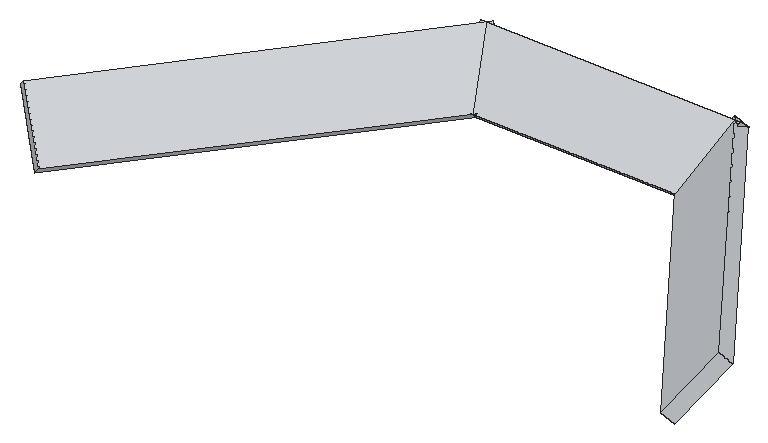
Revit family
Parameters
  Profondità [instance] = 800 mm
  Larghezza Tavola [instance] = 200 mm
  Larghezza [instance] = 600 mm
  Distanza_posteriore [instance] = 0 mm
  Distanza_laterale [instance] = 0 mm
  Angolo Torsione [instance] = 50.00°
  Angolo [instance] = atan(Ali / Profondità)  # 36.8699°
  Ali [instance] = 600 mm
  A_larghezza base [instance] = Larghezza Tavola * cos(Angolo Torsione)  # 128.558 mm
  A_altezza base [instance] = Larghezza Tavola * sin(Angolo Torsione)  # 153.209 mm
Reference planes
  plane 1 "Centro (Fronte/Retro)": y = 0
  plane 2: z = 0
  plane 3 "Centro (Sinistra/Destra)": x = 0
  plane 4: x = 600
  plane 5: y = -800
  plane 6: through (0.837, 1.116, 1200) normal (0.8, -0.6, 0)
  plane 7: through (867.491, -356.654, 1200) normal (0.8, 0.6, 0)
  plane 8: x = -600
  plane 9: x = 1200
  plane 10: through (-1344.498, -1792.664, 1200) normal (-0.8, 0.6, 0)
  plane 11: through (-1332.249, -1562.07, 1200) normal (-0.8, 0.6, 0)
  plane 12: through (1991.689, -1855.585, 1200) normal (-0.8, -0.6, 0)
  plane 13: through (919.968, -212.362, 1200) normal (0.8, 0.6, 0)
  plane 14: y = 0
  plane 15: y = 128.558
  plane 16: z = 153.209
Forms (mm)
  Extrusion 1, void
    sketch origin (0, 0, 0) x (1, 0, 0) y (0, 1, 0)
      loop
        line (-702.846, -722.865) -> (-962.85, -1069.538) -> (-860.004, -1146.673) -> (-600, -800) -> (-702.846, -722.865)
    from 0 to 153.209
  Extrusion 2, void
    sketch origin (-600, -800, 0) x (0.8, -0.6, 0) y (0, 0, -1)
      loop
        line (0, 0) -> (-128.558, 0) -> (-128.558, -153.209) -> (0, 0)
    from 0 to 1064.279
  Extrusion 3, void
    sketch origin (0, 0, 0) x (1, 0, 0) y (0, 1, 0)
      loop
        line (1411.305, -1081.741) -> (1514.151, -1004.606) -> (1302.846, -722.865) -> (1200, -800) -> (1411.305, -1081.741)
    from 0 to 153.209
  Extrusion 4, void
    sketch origin (1200, -800, 0) x (-0.8, -0.6, 0) y (0, 0, 1)
      loop
        line (0, 0) -> (-128.558, 153.209) -> (-128.558, 0) -> (0, 0)
    from 0 to 1064.279
  Extrusion 5, void
    sketch origin (1763.184, 273.205, 0) x (0, 1, 0) y (0, 0, -1)
      loop
        line (-273.205, 0) -> (-144.648, -153.209) -> (-144.648, 0) -> (-273.205, 0)
    from 1098.905 to 1827.463
  Extrusion 6, solid
    sketch origin (-702.846, -722.865, 153.209) x (0.51423, -0.385673, -0.766044) y (-0.6, -0.8, 0)
      loop
        line (0, -1064.279) -> (200, -1064.279) -> (200, 0) -> (0, 0) -> (0, -1064.279)
    from 0 to -40
  Extrusion 7, solid
    sketch origin (1763.184, 0, 0) x (0, 0.642788, 0.766044) y (1, 0, 0)
      loop
        line (200, -1098.905) -> (0, -1098.905) -> (0, -1830.278) -> (200, -1827.463) -> (200, -1098.905)
    from 0 to -40
  Extrusion 8, solid
    sketch origin (1200, -800, 0) x (0.51423, 0.385673, 0.766044) y (0.6, -0.8, 0)
      loop
        line (0, -1064.279) -> (200, -1064.279) -> (200, 0) -> (0, 0) -> (0, -1064.279)
    from 0 to -40
Lines and regions (mm)
  reference lines
    curve 1: line (-600, -800, 0) -> (-936, -548, 0)
    curve 2: line (1200, -800, 0) -> (1440, -620, 0)
    curve 3: line (-64.279, 128.558, 0) -> (751.721, -483.442, 0)
    curve 4: line (664.279, 128.558, 0) -> (152.279, -255.442, 0)
    curve 5: line (-64.279, 128.558, 0) -> (0, 0, 0)
    curve 6: line (600, 0, 0) -> (664.279, 128.558, 0)
    curve 7: line (664.279, 128.558, 0) -> (664.279, 0, 0)
    curve 8: line (-64.279, 128.558, 0) -> (-64.279, 0, 0)
Dimensions and locks
  "Profondità": plane 5 to plane 1 "Centro (Fronte/Retro)"
  "Larghezza": plane 3 "Centro (Sinistra/Destra)" to plane 4
  "Ali": plane 8 to plane 3 "Centro (Sinistra/Destra)"
  "Ali": plane 4 to plane 9
  "Distanza_laterale": plane 6 to plane 10
  "Distanza_laterale": plane 12 to plane 7
  "A_larghezza base": plane 12 to plane 13
  "A_larghezza base": plane 11 to plane 10
  "Distanza_posteriore": plane 1 "Centro (Fronte/Retro)" to plane 14
  "A_larghezza base": plane 15 to plane 14
  "A_altezza base": plane 16 to level
  "Angolo": angle plane 6 to plane 3 "Centro (Sinistra/Destra)"
  "Angolo": angle plane 4 to plane 7  (x2)
  "Angolo": angle plane 10 to plane 3 "Centro (Sinistra/Destra)"
  "Angolo": angle plane 11 to plane 3 "Centro (Sinistra/Destra)"
  "Angolo": angle plane 4 to plane 12
  "Angolo": angle plane 4 to plane 13
  "Angolo": angle curve 1 to plane 5
  "Angolo": angle plane 5 to curve 2
  "Angolo": angle curve 3 to plane 15
  "Angolo": angle plane 15 to curve 4
  aligned and locked: plane 10 to curve 1
  aligned and locked: plane 12 to curve 2
  aligned and locked: plane 16 to Extrusion 1
  aligned and locked: Extrusion 3 sketch curve to plane 12
  aligned and locked: Extrusion 3 sketch curve to curve 2
  aligned and locked: Extrusion 3 sketch curve to plane 13
  aligned and locked: plane 16 to Extrusion 3
  aligned and locked: Extrusion 2 to curve 3
  aligned and locked: Extrusion 4 to curve 4
  aligned and locked: Extrusion 5 to curve 8
  aligned and locked: Extrusion 5 to curve 7
Automatic sketch dimensions
  Extrusion 1 sketch curve to plane 10 = 0 mm  (x2)
  Extrusion 1 sketch curve to plane 5 = 0 mm
  Extrusion 1 sketch curve to plane 8 = 362.85 mm
  Extrusion 1 sketch curve to plane 11 = 0 mm
  Extrusion 2 sketch curve to Extrusion 1 = 0 mm  (x4)
  plane 9 to Extrusion 3 sketch curve = 211.305 mm
  Extrusion 4 sketch curve to Extrusion 3 = 0 mm  (x4)
  Extrusion 5 sketch curve to level = 0 mm
  Extrusion 5 sketch curve to plane 14 = 0 mm
  Extrusion 5 sketch curve to plane 15 = 0 mm
  Extrusion 5 sketch curve to plane 16 = 0 mm
  Extrusion 6 sketch curve to Extrusion 2 = 0 mm  (x4)
  Extrusion 7 sketch curve to Extrusion 5 = 2.816 mm
  Extrusion 7 sketch curve to Extrusion 5 = 0 mm  (x4)
  Extrusion 8 sketch curve to Extrusion 4 = 0 mm  (x4)
  curve 1 to plane 5 = 0 mm
  curve 3 to plane 11 = 0 mm
  curve 3 to plane 15 = 0 mm
  curve 5 to plane 10 = 0 mm
  curve 5 to plane 14 = 0 mm
  curve 6 to plane 12 = 0 mm
  curve 6 to plane 14 = 0 mm
  curve 7 to plane 14 = 0 mm
  curve 6 to plane 13 = 0 mm
  curve 6 to plane 15 = 0 mm
  curve 2 to plane 5 = 0 mm
  curve 8 to plane 14 = 0 mm
